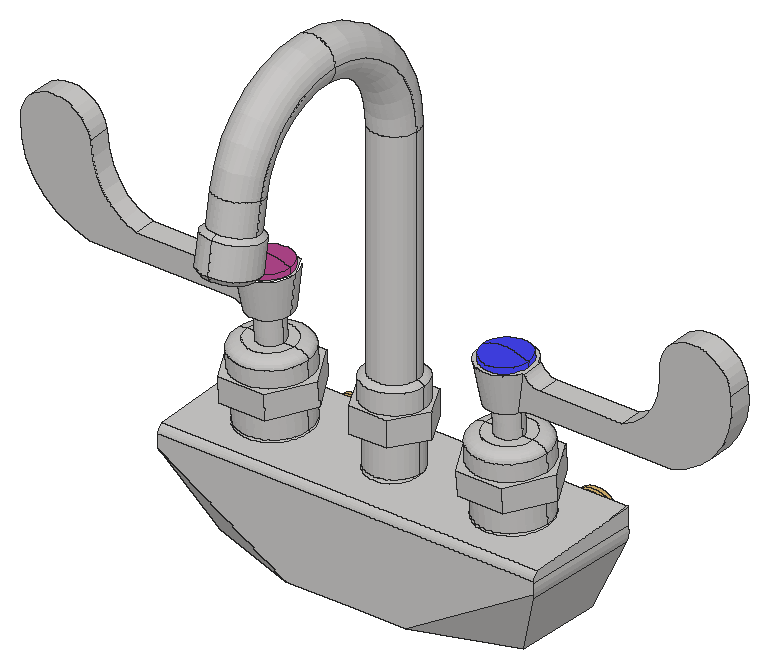
Revit family "14-400L-W-E2", category Specialty Equipment, Revit 2018
Family settings
  Round Connector Dimension = Use Diameter
  Part Type = Normal
  OmniClass Number = 23.45.05.14
  OmniClass Title = Plumbing Fixtures - Sanitary Washing Units
  Work Plane-Based = No
  Always vertical = Yes
  Cut with Voids When Loaded = No
  Shared = No
  Room Calculation Point = No
Parameters
  Plumbing Remarks = ""
  Plumbing Connection Type = ""
  Model = "14-400L-W-E2"
  Masterspec = ""
  Manufacturer = "Krowne Metal"
  Item Number = ""
  Inlet = 1/2"
  Hot Water Temperature = 100 °F
  Hot Water Size = 1/2"
  Hot Water RI Height = 0"
  Hot Water Flow = 0.5 GPM
  Hot Water Connection Height = 0"
  Description = "4\" Wall Mount Faucet with 3-1/2\" Wide Gooseneck Spout & Vandal Resistant Wrist Blades Handles"
  Cold Water Size = 1/2"
  Cold Water RI Height = 0"
  Cold Water Flow = 0.5 GPM
  Cold Water Connection Height = 0"
  Assembly Code = "D2010400"
Reference planes (in)
  plane 1 "Center (Front/Back)": y = 0
  plane 2: z = 0
  plane 3 "Center (Left/Right)": x = 0
  plane 4: x = 2
  plane 5: x = -2
  plane 6: z = -1.96837
  plane 7: y = -3.5
  plane 8: z = 8
  plane 9: z = 5.125
  plane 10 "Center L/S": y = 0.96456
Forms (in)
  Revolve 1, solid, material "Plastic-Brass-Red"
    sketch origin (0, 0.00828, 0.6556) x (1, 0, 0) y (0, -0.064546, 0.997915)
      loop
        arc (-2, 2.70938) -> (-2.19737, 2.68894) -> (-2.38369, 2.62072) r 0.80293
        line (-2.38369, 2.62072) -> (-2.38369, 2.53687) -> (-2, 2.53687) -> (-2, 2.70938)
      axis (-2, 2.70938) -> (-2, 2.53687)
    angle from 0 to 360
  Revolve 2, solid, material "Metal_Finishes_Stainless Steel"
    sketch origin (0, -0.02601, 1.18574) x (-1, 0, 0) y (0, 0.064546, -0.997915)
      loop
        line (-2, -2.00418) -> (-2, -0.46138) -> (-2.61417, -0.46138) -> (-2.61417, -0.74125)
        spline (-2.61417, -0.74125) -> (-2.61067, -0.75997) -> (-2.60447, -0.77733) -> (-2.59556, -0.79333) -> (-2.58396, -0.80796) -> (-2.56965, -0.82122) -> (-2.55265, -0.83312) -> (-2.53294, -0.84365) -> (-2.51053, -0.85282) -> (-2.48542, -0.86063) -> (-2.45761, -0.86706) -> (-2.4271, -0.87214) -> (-2.39389, -0.87584)
        line (-2.39389, -0.87584) -> (-2.21883, -0.87584) -> (-2.21883, -1.35351) -> (-2.35064, -1.35351) -> (-2.44814, -2.00418) -> (-2, -2.00418)
      loop
        arc (-2.61222, 0.39335) -> (-2.58433, 0.3818) -> (-2.57277, 0.35391) r 0.03944
        line (-2.57277, 0.35391) -> (-2.57277, -0.0704) -> (-2, -0.0704) -> (-2, 0.39335) -> (-2.61222, 0.39335)
      axis (-2, -2.00418) -> (-2, 0.39335)
    angle from 0 to 360
  Revolve 3, solid, material "Plastic-Brass-Blue"
    sketch origin (0, 0.00828, 0.6556) x (-1, 0, 0) y (0, 0.064546, -0.997915)
      loop
        line (-2, -2.70938) -> (-2, -2.53543) -> (-2.38369, -2.53543) -> (-2.38369, -2.62072)
        arc (-2.38369, -2.62072) -> (-2.19737, -2.68894) -> (-2, -2.70938) r 0.80293
      axis (-2, -2.70938) -> (-2, -2.53543)
    angle from 0 to 360
  Sweep 4, solid, material "Metal_Finishes_Stainless Steel"
    path origin (0, 0, 0.0625) x (0, 1, 0) y (0, 0, 1)
      loop
        line (-3.35967, 5.78619) -> (-3.27285, 6.27859)
        arc (-3.27285, 6.27859) -> (-2.73135, 7.21902) -> (-1.71292, 7.59375) r 1.59155
        arc (-1.71292, 7.59375) -> (-0.50259, 7.09241) -> (-0.00125, 5.88208) r 1.71167
        line (-0.00125, 5.88208) -> (-0.00125, 1.99268)
    profile origin (0, -0.00125, 3.99988) x (1, 0, 0) y (0, 1, 0)
      loop
        circle (0, 0) r 0.375
  Revolve 5, solid, material "Metal_Finishes_Stainless Steel"
    sketch origin (0, 4.70232, -1.1887) x (0, 0.984808, -0.173648) y (0, 0.173648, 0.984808)
      loop
        line (-8.70039, 5.45122) -> (-8.79966, 5.53052) -> (-9.16154, 5.53052) -> (-9.16154, 4.86002) -> (-8.78475, 4.86002) -> (-8.70039, 4.94437) -> (-8.70039, 5.45122)
      axis (-9.16154, 5.53052) -> (-9.16154, 4.86002)
    angle from 0 to 360
  Extrusion 6, void
    sketch origin (0, -9.53327, 0.44667) x (1, 0, 0) y (0, 0.984808, -0.173648)
      loop
        circle (0, 5.12602) r 0.29432
      loop
        circle (0, 5.37527) r 0.03144
      loop
        circle (0.09945, 5.35041) r 0.03144
      loop
        circle (-0.09945, 5.35041) r 0.03144
      loop
        circle (0.00276, 5.28411) r 0.03144
      loop
        circle (0.10222, 5.25924) r 0.03144
      loop
        circle (-0.09669, 5.25924) r 0.03144
      loop
        circle (-0.17957, 5.28687) r 0.03144
      loop
        circle (0.17128, 5.2924) r 0.03144
      loop
        circle (-0.22654, 5.21228) r 0.03144
      loop
        circle (0.00553, 5.20675) r 0.03144
      loop
        circle (0.17681, 5.21504) r 0.03144
      loop
        circle (-0.07498, 5.1536) r 0.03144
      loop
        circle (0.09945, 5.17913) r 0.03144
      loop
        circle (0, 4.87676) r 0.03144
      loop
        circle (0.09945, 4.90162) r 0.03144
      loop
        circle (-0.09945, 4.90162) r 0.03144
      loop
        circle (0.00276, 4.96793) r 0.03144
      loop
        circle (0.10222, 4.99279) r 0.03144
      loop
        circle (-0.09669, 4.99279) r 0.03144
      loop
        circle (-0.17957, 4.96516) r 0.03144
      loop
        circle (0.17128, 4.95964) r 0.03144
      loop
        circle (-0.22654, 5.03975) r 0.03144
      loop
        circle (0.00553, 5.04528) r 0.03144
      loop
        circle (0.17681, 5.03699) r 0.03144
      loop
        circle (-0.12156, 5.06738) r 0.03144
      loop
        circle (0.09945, 5.07291) r 0.03144
      loop
        circle (0.16204, 5.13533) r 0.03144
      loop
        circle (-0.14291, 5.17689) r 0.03144
      loop
        circle (-0.00276, 5.12263) r 0.03144
      loop
        circle (-0.21818, 5.1239) r 0.03144
      loop
        circle (0.24369, 5.16966) r 0.03144
      loop
        circle (0.2425, 5.08605) r 0.03144
    from 5.72149 to 5.76094
  Revolve 7, solid, material "Metal_Finishes_Stainless Steel"
    sketch origin (0.00317, 0, -0.11405) x (1, 0, 0) y (0, 0, 1)
      loop
        line (-0.49401, 2.26822) -> (-0.49401, 1.94078) -> (0, 1.94078) -> (0, 2.33452) -> (-0.35397, 2.33452)
        arc (-0.35397, 2.33452) -> (-0.43128, 2.31656) -> (-0.49401, 2.26822) r 0.1824
      loop
        line (-0.42987, 1.52855) -> (-0.42987, 0.9393)
        arc (-0.42987, 0.9393) -> (-0.45055, 0.88936) -> (-0.5005, 0.86867) r 0.07063
        line (-0.5005, 0.86867) -> (0, 0.86867) -> (0, 1.52855) -> (-0.42987, 1.52855)
      axis (0, 2.33452) -> (0, 0.86867)
    angle from 0 to 360
  Extrusion 8, solid, material "Metal_Finishes_Stainless Steel"
    sketch origin (-1.99683, 0, 0) x (-1, 0, 0) y (0, -1, 0)
      loop
        line (-1.68262, -0.54971) -> (-1.36525, 0) -> (-1.68262, 0.54971) -> (-2.31738, 0.54971) -> (-2.63475, 0) -> (-2.31738, -0.54971) -> (-1.68262, -0.54971)
    from 1.41449 to 1.82673
  Extrusion 9, solid, material "Metal_Finishes_Stainless Steel"
    sketch origin (0, 0, -0.115) x (1, 0, 0) y (0, 0, 1)
      loop
        arc (-3.12535, 0.99084) -> (-3.14476, 0.9828) -> (-3.1528, 0.96339) r 0.02745
        line (-3.1528, 0.96339) -> (-3.1528, 0.69577)
        arc (-3.1528, 0.69577) -> (-3.15235, 0.55862) -> (-3.11135, 0.42774) r 0.45838
        line (-3.11135, 0.42774) -> (-2.54312, -0.73731) -> (0, -0.73731) -> (2.54312, -0.73731) -> (3.11135, 0.42774)
        arc (3.11135, 0.42774) -> (3.15235, 0.55862) -> (3.1528, 0.69577) r 0.45838
        line (3.1528, 0.69577) -> (3.1528, 0.96339)
        arc (3.1528, 0.96339) -> (3.14476, 0.9828) -> (3.12535, 0.99084) r 0.02745
        line (3.12535, 0.99084) -> (0, 0.99084) -> (-3.12535, 0.99084)
    from -0.96456 to 1.01602
  Extrusion 10, void
    sketch origin (-0.02676, -1.16437, 0.28626) x (-0.939693, -0.34202, 0) y (0.296198, -0.813798, -0.5)
      loop
        line (-0.70218, 1.42945) -> (-3.64913, 1.42945) -> (-3.64913, 0.75614) -> (-0.70218, 0.75614) -> (-0.70218, 1.42945)
    from -1.24972 to 1.39751
  Revolve 11, solid, material "Metal- Brass-Chrome Plated Brass"
    sketch origin (4, 0.96456, 0.01177) x (1, 0, 0) y (0, -0.999991, 0.00423)
      loop
        line (-2.40555, 0.01977) -> (-2.40555, -0.07126) -> (-2.34472, -0.10694) -> (-2.4068, -0.14263) -> (-2.34454, -0.17829) -> (-2.40653, -0.21416) -> (-2.34468, -0.24977) -> (-2.4063, -0.28542) -> (-2.34472, -0.32111) -> (-2.40653, -0.35696) -> (-2.34444, -0.39251) -> (-2.40655, -0.42833) -> (-2.3436, -0.46332) -> (-2.40555, -0.49916) -> (-2.34444, -0.53553) -> (-2.40555, -0.57083) -> (-2.34491, -0.60683) -> (-2.40679, -0.64264) -> (-2.34468, -0.67837) -> (-2.40629, -0.71402) -> (-2.34444, -0.74974) -> (-2.40629, -0.78569) -> (-2.33703, -0.82587) -> (-2, -0.82587) -> (-2, 0.01977) -> (-2.40555, 0.01977)
      axis (-2, 0.01977) -> (-2, -0.82587)
    angle from 0 to 360
  Revolve 12, solid, material "Metal- Brass-Chrome Plated Brass"
    sketch origin (-4, 0.96456, 0.01177) x (-1, 0, 0) y (0, 0.999991, -0.00423)
      loop
        line (-2.40555, -0.01977) -> (-2, -0.01977) -> (-2, 0.87053) -> (-2.26005, 0.87053) -> (-2.40629, 0.78569) -> (-2.34444, 0.74974) -> (-2.40629, 0.71402) -> (-2.34468, 0.67837) -> (-2.40679, 0.64264) -> (-2.34491, 0.60683) -> (-2.40555, 0.57083) -> (-2.34444, 0.53553) -> (-2.40555, 0.49916) -> (-2.3436, 0.46332) -> (-2.40655, 0.42833) -> (-2.34444, 0.39251) -> (-2.40653, 0.35696) -> (-2.34472, 0.32111) -> (-2.4063, 0.28542) -> (-2.34468, 0.24977) -> (-2.40653, 0.21416) -> (-2.34454, 0.17829) -> (-2.4068, 0.14263) -> (-2.34472, 0.10694) -> (-2.40555, 0.07126) -> (-2.40555, -0.01977)
      axis (-2, -0.01977) -> (-2, 0.87053)
    angle from 0 to 360
  Extrusion 13, void
    sketch origin (0.02676, -1.16437, 0.28626) x (0.939693, -0.34202, 0) y (0.296198, 0.813798, 0.5)
      loop
        line (-0.70218, -1.42945) -> (-0.70218, -0.75614) -> (-3.64913, -0.75614) -> (-3.64913, -1.42945) -> (-0.70218, -1.42945)
    from -1.24972 to 1.39751
  Extrusion 14, void
    sketch origin (0, 0, 0) x (0, 1, 0) y (0, 0, 1)
      loop
        line (0.96456, 0.87584) -> (0.96456, 0.96598) -> (-1.05262, 0.96598) -> (-1.05262, 0.57729) -> (-1.01565, 0.57729)
        arc (-1.01565, 0.57729) -> (-0.99921, 0.67224) -> (-0.9339, 0.74309) r 0.17039
        line (-0.9339, 0.74309) -> (0.96456, 0.87584)
    from -3.96607 to 3.51526
  Extrusion 15, solid, material "Metal_Finishes_Stainless Steel"
    sketch origin (4, 0.04756, 0.04841) x (1, 0, 0) y (0, 0.997915, 0.064546)
      loop
        line (-2.38434, 0.66569) -> (-2.76867, 0) -> (-2.38434, -0.66569) -> (-1.61566, -0.66569) -> (-1.23133, 0) -> (-1.61566, 0.66569) -> (-2.38434, 0.66569)
    from 1.21087 to 1.60944
  Extrusion 16, solid, material "Metal_Finishes_Stainless Steel"
    sketch origin (0, 0.04756, 0.04841) x (1, 0, 0) y (0, -0.064546, 0.997915)
      loop
        line (-2.69415, 2.9737) -> (-4.07703, 2.9737)
        spline (-4.07703, 2.9737) -> (-4.19305, 3.02298) -> (-4.29788, 3.08207) -> (-4.39173, 3.15068) -> (-4.47481, 3.22854) -> (-4.54732, 3.31537) -> (-4.60948, 3.41091) -> (-4.66151, 3.51487) -> (-4.7036, 3.62697) -> (-4.73598, 3.74695) -> (-4.75884, 3.87452) -> (-4.7724, 4.00941) -> (-4.77688, 4.15134)
        arc (-4.77688, 4.15134) -> (-5.40829, 4.65754) -> (-5.95924, 4.06477) r 0.59435
        arc (-5.95924, 4.06477) -> (-5.69356, 3.11193) -> (-4.86945, 2.5648) r 1.41758
        line (-4.86945, 2.5648) -> (-2.5204, 2.5648)
        arc (-2.5204, 2.5648) -> (-2.433, 2.55146) -> (-2.35355, 2.51264) r 0.29295
        line (-2.35355, 2.51264) -> (-2, 2.51264) -> (-2, 3.14532) -> (-2.44835, 3.14532)
        arc (-2.44835, 3.14532) -> (-2.54426, 3.02085) -> (-2.69415, 2.9737) r 0.26183
    from -0.17603 to 0.17603
  Extrusion 17, solid, material "Metal_Finishes_Stainless Steel"
    sketch origin (0, 0.04756, 0.04841) x (-1, 0, 0) y (0, 0.064546, -0.997915)
      loop
        arc (-2.69415, -2.9737) -> (-2.54426, -3.02085) -> (-2.44835, -3.14532) r 0.26183
        line (-2.44835, -3.14532) -> (-2, -3.14532) -> (-2, -2.51264) -> (-2.35355, -2.51264)
        arc (-2.35355, -2.51264) -> (-2.433, -2.55146) -> (-2.5204, -2.5648) r 0.29295
        line (-2.5204, -2.5648) -> (-4.86945, -2.5648)
        arc (-4.86945, -2.5648) -> (-5.69356, -3.11193) -> (-5.95924, -4.06477) r 1.41758
        arc (-5.95924, -4.06477) -> (-5.40829, -4.65754) -> (-4.77688, -4.15134) r 0.59435
        spline (-4.77688, -4.15134) -> (-4.7724, -4.00941) -> (-4.75884, -3.87452) -> (-4.73598, -3.74695) -> (-4.7036, -3.62697) -> (-4.66151, -3.51487) -> (-4.60948, -3.41091) -> (-4.54732, -3.31537) -> (-4.47481, -3.22854) -> (-4.39173, -3.15068) -> (-4.29788, -3.08207) -> (-4.19305, -3.02298) -> (-4.07703, -2.9737)
        line (-4.07703, -2.9737) -> (-2.69415, -2.9737)
    from -0.17603 to 0.17603
  Revolve 18, solid, material "Metal_Finishes_Stainless Steel"
    sketch origin (0, -0.02601, 1.18574) x (1, 0, 0) y (0, -0.064546, 0.997915)
      loop
        line (-2, 2.00418) -> (-2.44814, 2.00418) -> (-2.35064, 1.35351) -> (-2.21883, 1.35351) -> (-2.21883, 0.87584) -> (-2.39389, 0.87584)
        spline (-2.39389, 0.87584) -> (-2.4271, 0.87214) -> (-2.45761, 0.86706) -> (-2.48542, 0.86063) -> (-2.51053, 0.85282) -> (-2.53294, 0.84365) -> (-2.55265, 0.83312) -> (-2.56965, 0.82122) -> (-2.58396, 0.80796) -> (-2.59556, 0.79333) -> (-2.60447, 0.77733) -> (-2.61067, 0.75997) -> (-2.61417, 0.74125)
        line (-2.61417, 0.74125) -> (-2.61417, 0.46138) -> (-2, 0.46138) -> (-2, 2.00418)
      loop
        line (-2.61222, -0.39335) -> (-2, -0.39335) -> (-2, 0.0704) -> (-2.57277, 0.0704) -> (-2.57277, -0.35391)
        arc (-2.57277, -0.35391) -> (-2.58433, -0.3818) -> (-2.61222, -0.39335) r 0.03944
      axis (-2, 2.00418) -> (-2, -0.39335)
    angle from 0 to 360
  Extrusion 19, solid, material "Metal_Finishes_Stainless Steel"
    sketch origin (-4, 0.04756, 0.04841) x (-1, 0, 0) y (0, -0.997915, -0.064546)
      loop
        line (-2.38434, -0.66569) -> (-1.61566, -0.66569) -> (-1.23133, 0) -> (-1.61566, 0.66569) -> (-2.38434, 0.66569) -> (-2.76867, 0) -> (-2.38434, -0.66569)
    from 1.21087 to 1.60944
Cuts and joins
  Extrusion 6 cuts Revolve 5
  Extrusion 6, Extrusion 14 cuts Sweep 4
  Extrusion 14 cuts Extrusion 8
  Extrusion 10, Extrusion 13, Extrusion 14 cuts Extrusion 9
  joined: Revolve 2, Sweep 4, Revolve 7, Extrusion 8, Extrusion 9, Extrusion 15, Extrusion 16, Extrusion 17, Revolve 18, Extrusion 19
Dimensions and locks (in)
  equal spacing: plane 5, plane 3 "Center (Left/Right)", plane 4
  plane 5 to plane 4 = 4"
  plane 1 "Center (Front/Back)" to plane 7 = 3 1/2"
  plane 8 to plane 2 = 8"
  plane 9 to plane 2 = 5 1/8"
  plane 9 to level = 5 1/8"
  aligned and locked: level to plane 2
Automatic sketch dimensions
  Revolve 1 sketch curve to plane 5 = 0"  (x2)
  plane 5 to Revolve 1 sketch curve = 0.0166"
  plane 5 to Revolve 1 sketch curve = 0.38369"
  Revolve 1 sketch curve to Revolve 1 sketch curve = 0.63024"
  Revolve 1 sketch curve to Revolve 1 sketch curve = 0.08386"
  Revolve 1 sketch curve to Revolve 1 sketch curve = 0.04662"
  Revolve 1 sketch curve to Revolve 1 sketch curve = 0"
  Revolve 2 sketch curve to plane 4 = 0"  (x3)
  plane 4 to Revolve 2 sketch curve = 0.21883"
  Revolve 2 sketch curve to Revolve 2 sketch curve = 0.13181"
  Revolve 2 sketch curve to Revolve 2 sketch curve = 0.17505"
  Revolve 2 sketch curve to Revolve 2 sketch curve = 0.44814"
  Revolve 2 sketch curve to Revolve 2 sketch curve = 0.57277"
  Revolve 2 sketch curve to Revolve 2 sketch curve = 0.03944"
  Revolve 2 sketch curve to Revolve 2 sketch curve = 0.0414"
  Revolve 2 sketch curve to Revolve 2 sketch curve = 0.65067"
  Revolve 2 sketch curve to Revolve 2 sketch curve = 0.47767"
  Revolve 2 sketch curve to Revolve 2 sketch curve = 0.13459"
  Revolve 2 sketch curve to Revolve 2 sketch curve = 0.41446"
  Revolve 2 sketch curve to Revolve 2 sketch curve = 0.39098"
  Revolve 2 sketch curve to Revolve 2 sketch curve = 0.42431"
  Revolve 2 sketch curve to Revolve 2 sketch curve = 0.10739"
  Revolve 2 sketch curve to Revolve 2 sketch curve = 0.09098"
  Revolve 3 sketch curve to plane 4 = 0"  (x2)
  plane 4 to Revolve 3 sketch curve = 0.0166"
  Revolve 3 sketch curve to Revolve 3 sketch curve = 0.38369"
  Revolve 3 sketch curve to Revolve 3 sketch curve = 0.08866"
  Revolve 3 sketch curve to Revolve 3 sketch curve = 0.0853"
  Revolve 3 sketch curve to Revolve 3 sketch curve = 0"
  Revolve 3 sketch curve to Revolve 3 sketch curve = 0.04662"
  Sweep 4 sketch curve to plane 3 "Center (Left/Right)" = 0"
  profile plane to Sweep 4 sketch curve = 0"
  Revolve 5 sketch curve to plane 7 = 0.14033"
  plane 9 to Revolve 5 sketch curve = 0.72369"
  Revolve 5 sketch curve to Revolve 5 sketch curve = 0.36188"
  Revolve 5 sketch curve to Revolve 5 sketch curve = 0.3768"
  Revolve 5 sketch curve to Revolve 5 sketch curve = 0.08435"  (x2)
  Revolve 5 sketch curve to Revolve 5 sketch curve = 0.07929"
  Revolve 5 sketch curve to Revolve 5 sketch curve = 0.50685"
  Revolve 5 sketch curve to Revolve 5 sketch curve = 0"  (x2)
  Revolve 5 sketch curve to Revolve 5 sketch curve = 0.27894"
  Extrusion 6 sketch curve to Extrusion 6 sketch curve = 0"  (x2)
  Extrusion 6 sketch curve to plane 3 "Center (Left/Right)" = 0"  (x3)
  Extrusion 6 sketch curve to plane 3 "Center (Left/Right)" = 0.00276"
  Extrusion 6 sketch curve to plane 3 "Center (Left/Right)" = 0.07498"
  Extrusion 6 sketch curve to plane 3 "Center (Left/Right)" = 0.09669"  (x2)
  Extrusion 6 sketch curve to Extrusion 6 sketch curve = 0.00276"  (x4)
  Extrusion 6 sketch curve to Extrusion 6 sketch curve = 0.02486"  (x3)
  Extrusion 6 sketch curve to Extrusion 6 sketch curve = 0.06794"
  Extrusion 6 sketch curve to Extrusion 6 sketch curve = 0.08288"  (x2)
  Extrusion 6 sketch curve to Extrusion 6 sketch curve = 0.07526"
  Extrusion 6 sketch curve to Extrusion 6 sketch curve = 0.00836"
  Extrusion 6 sketch curve to Extrusion 6 sketch curve = 0.04696"
  plane 3 "Center (Left/Right)" to Extrusion 6 sketch curve = 0.00276"  (x2)
  plane 3 "Center (Left/Right)" to Extrusion 6 sketch curve = 0.00553"  (x2)
  plane 3 "Center (Left/Right)" to Extrusion 6 sketch curve = 0.09945"  (x2)
  Extrusion 6 sketch curve to Extrusion 6 sketch curve = 0.09393"  (x2)
  Extrusion 6 sketch curve to Extrusion 6 sketch curve = 0.06259"
  Extrusion 6 sketch curve to Extrusion 6 sketch curve = 0.06907"  (x2)
  Extrusion 6 sketch curve to Extrusion 6 sketch curve = 0.00553"  (x2)
  Extrusion 6 sketch curve to Extrusion 6 sketch curve = 0.06569"
  Extrusion 6 sketch curve to Extrusion 6 sketch curve = 0.06688"
  Extrusion 6 sketch curve to Extrusion 6 sketch curve = 0.05802"
  Extrusion 6 sketch curve to Extrusion 6 sketch curve = 0.06354"
  Extrusion 6 sketch curve to Extrusion 6 sketch curve = 0.09117"  (x4)
  Extrusion 6 sketch curve to Extrusion 6 sketch curve = 0.03315"  (x2)
  Extrusion 6 sketch curve to Extrusion 6 sketch curve = 0.02763"  (x2)
  Extrusion 6 sketch curve to Extrusion 6 sketch curve = 0.07735"  (x4)
  Extrusion 6 sketch curve to Extrusion 6 sketch curve = 0.07459"  (x2)
  Extrusion 6 sketch curve to Extrusion 6 sketch curve = 0.08012"  (x2)
  Extrusion 6 sketch curve to Extrusion 6 sketch curve = 0.04906"
  Extrusion 6 sketch curve to Extrusion 6 sketch curve = 0.08414"
  Extrusion 6 sketch curve to Extrusion 6 sketch curve = 0.00338"
  Extrusion 6 sketch curve to Extrusion 6 sketch curve = 0.06242"
  Extrusion 6 sketch curve to Extrusion 6 sketch curve = 0.03097"
  Extrusion 6 sketch curve to Extrusion 6 sketch curve = 0.08361"
  Extrusion 6 sketch curve to Extrusion 6 sketch curve = 0.0233"
  Extrusion 6 sketch curve to Extrusion 6 sketch curve = 0.0438"
  Extrusion 6 sketch curve to Extrusion 6 sketch curve = 0.08074"
  Extrusion 6 sketch curve to Extrusion 6 sketch curve = 0.08838"
  Extrusion 6 sketch curve to Extrusion 6 sketch curve = 0.04539"
  Extrusion 6 sketch curve to Extrusion 6 sketch curve = 0.08235"
  Extrusion 6 sketch curve to Extrusion 6 sketch curve = 0.04506"
  plane 1 "Center (Front/Back)" to Extrusion 8 sketch curve = 0"  (x2)
  Extrusion 8 sketch curve to plane 3 "Center (Left/Right)" = 0.63792"
  Extrusion 8 sketch curve to plane 3 "Center (Left/Right)" = 0.32055"  (x2)
  plane 3 "Center (Left/Right)" to Extrusion 8 sketch curve = 0.31421"  (x2)
  plane 3 "Center (Left/Right)" to Extrusion 8 sketch curve = 0.63159"
  Extrusion 8 sketch curve to plane 1 "Center (Front/Back)" = 0.54971"
  plane 1 "Center (Front/Back)" to Extrusion 8 sketch curve = 0.54971"
  Extrusion 9 sketch curve to plane 3 "Center (Left/Right)" = 0"  (x2)
  plane 5 to Extrusion 9 sketch curve = 0.54312"
  plane 5 to Extrusion 9 sketch curve = 0.69936"
  level to Extrusion 9 sketch curve = 0.31274"  (x2)
  Extrusion 9 sketch curve to Extrusion 9 sketch curve = 0.41199"  (x2)
  Extrusion 9 sketch curve to Extrusion 9 sketch curve = 0.014"
  Extrusion 9 sketch curve to Extrusion 9 sketch curve = 0.02745"  (x2)
  plane 4 to Extrusion 9 sketch curve = 0.54312"
  plane 4 to Extrusion 9 sketch curve = 0.69936"
  Extrusion 9 sketch curve to Extrusion 9 sketch curve = 0.42599"
  Extrusion 9 sketch curve to level = 0.85231"
  Extrusion 9 sketch curve to Extrusion 9 sketch curve = 0.20094"  (x2)
  Extrusion 9 sketch curve to Extrusion 9 sketch curve = 0.26762"
  Extrusion 10 sketch curve to Extrusion 10 sketch curve = 2.94694"
  Extrusion 10 sketch curve to Extrusion 10 sketch curve = 0.67331"
  Revolve 11 sketch curve to plane 4 = 0"  (x2)
  Revolve 11 sketch curve to plane 4 = 0.33703"
  Revolve 11 sketch curve to plane 4 = 0.3436"
  Revolve 11 sketch curve to Revolve 11 sketch curve = 0.00085"  (x2)
  Revolve 11 sketch curve to Revolve 11 sketch curve = 0.00741"
  Revolve 11 sketch curve to Revolve 11 sketch curve = 0.0001"
  Revolve 11 sketch curve to Revolve 11 sketch curve = 0.00023"  (x2)
  Revolve 11 sketch curve to Revolve 11 sketch curve = 0.00014"
  Revolve 11 sketch curve to Revolve 11 sketch curve = 0.00004"
  Revolve 11 sketch curve to Revolve 11 sketch curve = 0.00019"
  Revolve 11 sketch curve to Revolve 11 sketch curve = 0.00047"
  Revolve 11 sketch curve to Revolve 11 sketch curve = 0.06083"
  Revolve 11 sketch curve to Revolve 11 sketch curve = 0.06064"
  Revolve 11 sketch curve to Revolve 11 sketch curve = 0.06111"
  Revolve 11 sketch curve to Revolve 11 sketch curve = 0.06161"
  Revolve 11 sketch curve to Revolve 11 sketch curve = 0.06185"
  Revolve 11 sketch curve to Revolve 11 sketch curve = 0.06158"
  Revolve 11 sketch curve to Revolve 11 sketch curve = 0.06181"
  Revolve 11 sketch curve to Revolve 11 sketch curve = 0.001"
  Revolve 11 sketch curve to Revolve 11 sketch curve = 0.0005"
  Revolve 11 sketch curve to Revolve 11 sketch curve = 0.00125"
  Revolve 11 sketch curve to Revolve 11 sketch curve = 0.04018"
  Revolve 11 sketch curve to Revolve 11 sketch curve = 0.03595"
  Revolve 11 sketch curve to Revolve 11 sketch curve = 0.03572"
  Revolve 11 sketch curve to Revolve 11 sketch curve = 0.03565"
  Revolve 11 sketch curve to Revolve 11 sketch curve = 0.07138"  (x2)
  Revolve 11 sketch curve to Revolve 11 sketch curve = 0.03581"
  Revolve 11 sketch curve to Revolve 11 sketch curve = 0.03601"
  Revolve 11 sketch curve to Revolve 11 sketch curve = 0.0353"
  Revolve 11 sketch curve to Revolve 11 sketch curve = 0.03637"
  Revolve 11 sketch curve to Revolve 11 sketch curve = 0.03584"
  Revolve 11 sketch curve to Revolve 11 sketch curve = 0.07083"
  Revolve 11 sketch curve to Revolve 11 sketch curve = 0.07081"
  Revolve 11 sketch curve to Revolve 11 sketch curve = 0.0714"
  Revolve 11 sketch curve to Revolve 11 sketch curve = 0.03568"  (x2)
  Revolve 11 sketch curve to Revolve 11 sketch curve = 0.03566"
  Revolve 11 sketch curve to Revolve 11 sketch curve = 0.07127"
  Revolve 11 sketch curve to Revolve 11 sketch curve = 0.07148"
  Revolve 11 sketch curve to Revolve 11 sketch curve = 0.07152"
  Revolve 11 sketch curve to Revolve 11 sketch curve = 0.07135"
  Revolve 11 sketch curve to Revolve 11 sketch curve = 0.12671"
  Revolve 11 sketch curve to Revolve 11 sketch curve = 0.28433"
  Revolve 11 sketch curve to Revolve 11 sketch curve = 0.0701"
  Revolve 12 sketch curve to plane 5 = 0"  (x2)
  Revolve 12 sketch curve to Revolve 12 sketch curve = 0.26005"
  Revolve 12 sketch curve to plane 5 = 0.3436"
  Revolve 12 sketch curve to Revolve 12 sketch curve = 0.00085"  (x2)
  Revolve 12 sketch curve to Revolve 12 sketch curve = 0.08439"
  Revolve 12 sketch curve to Revolve 12 sketch curve = 0.0001"
  Revolve 12 sketch curve to Revolve 12 sketch curve = 0.00023"  (x2)
  Revolve 12 sketch curve to Revolve 12 sketch curve = 0.00014"
  Revolve 12 sketch curve to Revolve 12 sketch curve = 0.00004"
  Revolve 12 sketch curve to Revolve 12 sketch curve = 0.00019"
  Revolve 12 sketch curve to Revolve 12 sketch curve = 0.00047"
  Revolve 12 sketch curve to Revolve 12 sketch curve = 0.06083"
  Revolve 12 sketch curve to Revolve 12 sketch curve = 0.06064"
  Revolve 12 sketch curve to Revolve 12 sketch curve = 0.06111"
  Revolve 12 sketch curve to Revolve 12 sketch curve = 0.06161"
  Revolve 12 sketch curve to Revolve 12 sketch curve = 0.06185"
  Revolve 12 sketch curve to Revolve 12 sketch curve = 0.06158"
  Revolve 12 sketch curve to Revolve 12 sketch curve = 0.06181"
  Revolve 12 sketch curve to Revolve 12 sketch curve = 0.001"
  Revolve 12 sketch curve to Revolve 12 sketch curve = 0.0005"
  Revolve 12 sketch curve to Revolve 12 sketch curve = 0.00125"
  Revolve 12 sketch curve to Revolve 12 sketch curve = 0.09103"
  Revolve 12 sketch curve to Revolve 12 sketch curve = 0.03568"  (x2)
  Revolve 12 sketch curve to Revolve 12 sketch curve = 0.07137"  (x2)
  Revolve 12 sketch curve to Revolve 12 sketch curve = 0.07135"
  Revolve 12 sketch curve to Revolve 12 sketch curve = 0.07152"
  Revolve 12 sketch curve to Revolve 12 sketch curve = 0.03561"
  Revolve 12 sketch curve to Revolve 12 sketch curve = 0.03566"
  Revolve 12 sketch curve to Revolve 12 sketch curve = 0.03585"
  Revolve 12 sketch curve to Revolve 12 sketch curve = 0.0714"
  Revolve 12 sketch curve to Revolve 12 sketch curve = 0.07138"
  Revolve 12 sketch curve to Revolve 12 sketch curve = 0.07081"
  Revolve 12 sketch curve to Revolve 12 sketch curve = 0.07083"
  Revolve 12 sketch curve to Revolve 12 sketch curve = 0.03637"
  Revolve 12 sketch curve to Revolve 12 sketch curve = 0.0353"
  Revolve 12 sketch curve to Revolve 12 sketch curve = 0.03601"
  Revolve 12 sketch curve to Revolve 12 sketch curve = 0.03581"
  Revolve 12 sketch curve to Revolve 12 sketch curve = 0.07154"
  Revolve 12 sketch curve to Revolve 12 sketch curve = 0.03565"
  Revolve 12 sketch curve to Revolve 12 sketch curve = 0.03595"
  Revolve 12 sketch curve to Revolve 12 sketch curve = 0.12079"
  Revolve 12 sketch curve to Revolve 12 sketch curve = 0.0701"
  Revolve 12 sketch curve to Revolve 12 sketch curve = 0.21423"
  Extrusion 13 sketch curve to Extrusion 13 sketch curve = 2.94694"
  Extrusion 13 sketch curve to Extrusion 13 sketch curve = 0.67331"
  plane 1 "Center (Front/Back)" to Extrusion 14 sketch curve = 1.05262"
  Extrusion 14 sketch curve to Extrusion 14 sketch curve = 0.03697"
  level to Extrusion 14 sketch curve = 0.74309"
  Extrusion 14 sketch curve to Extrusion 14 sketch curve = 0.08175"
  Extrusion 14 sketch curve to Extrusion 14 sketch curve = 0.16926"
  Extrusion 14 sketch curve to plane 1 "Center (Front/Back)" = 0.96456"
  Extrusion 14 sketch curve to Extrusion 14 sketch curve = 0.1462"
  level to Extrusion 14 sketch curve = 0.87584"
  Extrusion 14 sketch curve to Extrusion 14 sketch curve = 0.22289"
  Extrusion 15 sketch curve to plane 4 = 0.76867"
  Extrusion 15 sketch curve to plane 4 = 0.38434"  (x2)
  plane 4 to Extrusion 15 sketch curve = 0.38434"  (x2)
  Extrusion 15 sketch curve to Extrusion 15 sketch curve = 0.38434"
  Extrusion 15 sketch curve to Extrusion 15 sketch curve = 0.66569"  (x3)
  Extrusion 16 sketch curve to plane 5 = 0"
  plane 5 to Extrusion 16 sketch curve = 0.35355"
  plane 5 to Extrusion 16 sketch curve = 0.44835"
  Extrusion 16 sketch curve to Extrusion 16 sketch curve = 0.16685"
  Extrusion 16 sketch curve to Extrusion 16 sketch curve = 0.2458"
  Extrusion 16 sketch curve to Extrusion 16 sketch curve = 1.38288"
  Extrusion 16 sketch curve to Extrusion 16 sketch curve = 0.46968"
  Extrusion 16 sketch curve to Extrusion 16 sketch curve = 0.23017"
  Extrusion 16 sketch curve to Extrusion 16 sketch curve = 0.79242"
  Extrusion 16 sketch curve to Extrusion 16 sketch curve = 0.58801"
  Extrusion 16 sketch curve to Extrusion 16 sketch curve = 0.2408"
  Extrusion 16 sketch curve to Extrusion 16 sketch curve = 0.4089"
  Extrusion 16 sketch curve to Extrusion 16 sketch curve = 0.63268"
  Extrusion 16 sketch curve to Extrusion 16 sketch curve = 0.97145"
  Extrusion 16 sketch curve to Extrusion 16 sketch curve = 0.11962"
  Extrusion 17 sketch curve to plane 4 = 0"
  plane 4 to Extrusion 17 sketch curve = 0.35355"
  plane 4 to Extrusion 17 sketch curve = 0.44835"
  Extrusion 17 sketch curve to Extrusion 17 sketch curve = 0.16685"
  Extrusion 17 sketch curve to Extrusion 17 sketch curve = 0.2458"
  Extrusion 17 sketch curve to Extrusion 17 sketch curve = 1.38288"
  Extrusion 17 sketch curve to Extrusion 17 sketch curve = 0.46968"
  Extrusion 17 sketch curve to Extrusion 17 sketch curve = 0.23017"
  Extrusion 17 sketch curve to Extrusion 17 sketch curve = 0.79242"
  Extrusion 17 sketch curve to Extrusion 17 sketch curve = 0.58801"
  Extrusion 17 sketch curve to Extrusion 17 sketch curve = 0.08657"
  Extrusion 17 sketch curve to Extrusion 17 sketch curve = 0.20619"
  Extrusion 17 sketch curve to Extrusion 17 sketch curve = 0.67073"
  Extrusion 17 sketch curve to Extrusion 17 sketch curve = 0.09022"
  Extrusion 17 sketch curve to Extrusion 17 sketch curve = 0.05216"
  Revolve 18 sketch curve to plane 5 = 0"  (x3)
  plane 5 to Revolve 18 sketch curve = 0.21883"
  Revolve 18 sketch curve to Revolve 18 sketch curve = 0.13181"
  Revolve 18 sketch curve to Revolve 18 sketch curve = 0.17505"
  Revolve 18 sketch curve to Revolve 18 sketch curve = 0.44814"
  Revolve 18 sketch curve to Revolve 18 sketch curve = 0.57277"
  Revolve 18 sketch curve to Revolve 18 sketch curve = 0.03944"
  Revolve 18 sketch curve to Revolve 18 sketch curve = 0.0414"
  Revolve 18 sketch curve to Revolve 18 sketch curve = 0.42431"
  Revolve 18 sketch curve to Revolve 18 sketch curve = 0.39098"
  Revolve 18 sketch curve to Revolve 18 sketch curve = 0.27987"
  Revolve 18 sketch curve to Revolve 18 sketch curve = 0.13459"
  Revolve 18 sketch curve to Revolve 18 sketch curve = 0.47767"
  Revolve 18 sketch curve to Revolve 18 sketch curve = 0.65067"
  Revolve 18 sketch curve to Revolve 18 sketch curve = 0.09098"
  Revolve 18 sketch curve to Revolve 18 sketch curve = 0.10739"
  Extrusion 19 sketch curve to plane 5 = 0.76867"
  Extrusion 19 sketch curve to plane 5 = 0.38434"  (x2)
  plane 5 to Extrusion 19 sketch curve = 0.38434"  (x2)
  Extrusion 19 sketch curve to Extrusion 19 sketch curve = 0.38434"
  Extrusion 19 sketch curve to Extrusion 19 sketch curve = 0.66569"  (x3)
  Revolve 7 sketch curve to plane 3 "Center (Left/Right)" = 0.49733"
  Revolve 7 sketch curve to plane 3 "Center (Left/Right)" = 0.49084"
  Revolve 7 sketch curve to Revolve 7 sketch curve = 0.06415"
  Revolve 7 sketch curve to Revolve 7 sketch curve = 0.14004"
  plane 3 "Center (Left/Right)" to Revolve 7 sketch curve = 0.00317"  (x3)
  level to Revolve 7 sketch curve = 0.75462"
  Revolve 7 sketch curve to Revolve 7 sketch curve = 0.65987"
  Revolve 7 sketch curve to Revolve 7 sketch curve = 0.41223"
  Revolve 7 sketch curve to Revolve 7 sketch curve = 0.21058"
  Revolve 7 sketch curve to Revolve 7 sketch curve = 0.11686"
  Revolve 7 sketch curve to Revolve 7 sketch curve = 0.00076"
  Revolve 7 sketch curve to Revolve 7 sketch curve = 0"
  Revolve 7 sketch curve to Revolve 7 sketch curve = 0.04317"
  Revolve 7 sketch curve to Revolve 7 sketch curve = 0.17488"
  Sweep 4 sketch curve to plane 7 = 0.22715"
  plane 9 to Sweep 4 sketch curve = 0.81958"
  Sweep 4 sketch curve to Sweep 4 sketch curve = 1.55993"
  Sweep 4 sketch curve to Sweep 4 sketch curve = 0.00744"
  plane 1 "Center (Front/Back)" to Sweep 4 sketch curve = 0.00125"
  Sweep 4 sketch curve to Sweep 4 sketch curve = 0.12014"
  Sweep 4 sketch curve to plane 7 = 0.14033"
  Sweep 4 sketch curve to Sweep 4 sketch curve = 0.4924"
  level to Sweep 4 sketch curve = 2.05518"
  radius of Sweep 4 sketch curve = 3/8"
  radius of Extrusion 6 sketch curve = 0.03144"  (x32)
Connectors (in)
  piping at (-2, 1.83509, 0.00808), diameter 0.5, driven by "Inlet"
    settings: on Revolve 12, index 1, connector inside diameter 24", connector length 0", flow factor 0, pipe flow 0 GPM, pressure drop 0.00 psi, fitting loss kfactor 0, connector angle 0.00°, fixture units 0, engagement length 0", angle of deflection 0.00°, flow configuration 0, flow direction 1, fitting loss method 0, system type 19, joint type 0, gender type 0, connector reference index -1, connector utility 0, adjustable connector no, is connector primary yes, connector description ""
  piping at (2, 1.79043, 0.00827), diameter 0.5, driven by "Inlet"
    settings: on Revolve 11, index 2, connector inside diameter 24", connector length 0", flow factor 0, pipe flow 0 GPM, pressure drop 0.00 psi, fitting loss kfactor 0, connector angle 0.00°, fixture units 0, engagement length 0", angle of deflection 0.00°, flow configuration 0, flow direction 1, fitting loss method 0, system type 20, joint type 0, gender type 0, connector reference index -1, connector utility 0, adjustable connector no, is connector primary no, connector description ""
